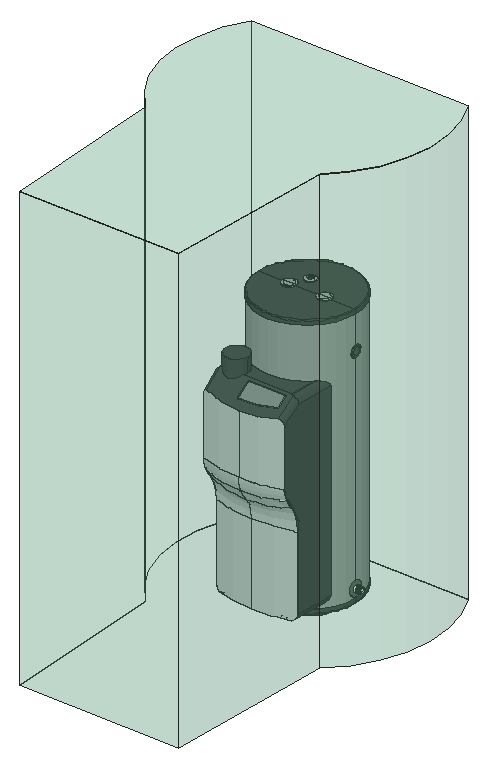
Revit family "Innovo  BENL_IR 12 160 BENL LP", category Mechanical Equipment, Revit 2015
Parameters (values of type "IR-12-160 BENL LP")
  Werkruimte Radius = Diameter + 170 mm  # 730 mm
  Werkruimte Hoogte = Hoogte + 1000 mm  # 2545 mm
  Werkruimte Afstand Voor = 1000 mm
  Werkruimte [instance] = yes
  Voorzorgsmaatregelen tijdens montage, installatie of onderhoud = "zie Gebruikers, Installatie, Service en Onderhouds handleiding"  # constant formula
  Voltage = 230 V  # constant formula
  Verpakkingslengte = 946 mm  # constant formula
  Verpakkingshoogte = 1695 mm
  Verpakkingsbreedte = 786 mm  # constant formula
  Uitsluitend werkend in daluren = no
  Uitschakeldruk LDS < = "115"
  Type aanduiding = "IR-20-200"
  Transportgewicht = 122 kg
  Totaal Gewicht = 322 kg
  Stilstandsverlies - dagelijks (24u) = 0 W
  Stilstandsverlies = 0 W
  Standaard Afgesteld op = "G20/G25"
  Stand Regelthermostaat = 65 °C  # constant formula
  Soort Verpakking = "Karton en Hout"  # constant formula
  Slimme controlefunctie = no
  Setpoint thermostaat = 65 °C  # constant formula
  Seizoens Rendement (Hs) = [Rendement (Hs, vlgs. NEN-EN 89 - 1999)]  # 95
  Rendement (Hs, vlgs. NEN-EN 89 - 1999) = 95
  Rendement (Hi, vlgs. NEN-EN 89 - 1999) = 106
  Produktspecificaties Link = ""
  Produkthandleiding Link = ""
  Produkt Model Nummer (EAN-nummer) = "8717449286071"
  Onderhoudsinterval = "12 maanden"  # constant formula
  Nominale Belasting (Onderwaarde) = "18000.0/14900.0"
  Nominale Belasting (Bovenwaarde) = "20000.0/16600.0"
  Nominaal Vermogen = "19100.0/15800.0"
  NOx-uitstoot mg/kWh = "30.0/29.0"
  NOx-uitstoot (lucht vrij, 0% O2) ppm = "19.0/18.0"
  Min. Stand Regelthermostaat = 40 °C  # constant formula
  Max. Werkdruk = 800000.0 Pa
  Max. Stand Regelthermostaat = 85 °C  # constant formula
  Max. Rookgastemperatuur = 61 °C
  Ledig Gewicht = 106 kg
  Kraan Hoogte 02 = if(and(Hoogte = 1745 mm, Diameter = 675 mm), 1518 mm, if(and(Hoogte = 1745 mm, Diameter = 610 mm), 1534 mm, if(Hoogte = 1545 mm, 1328 mm, 1070 mm)))  # 1328 mm
  Kraan Hoogte 01 = if(and(Diameter > 560 mm), 693 mm, 604 mm)  # 604 mm
  URL = "www.aosmith.be"
  Tapcapaciteit bij ΔT = 70°C  na 90 min. = 490.0 L
  Tapcapaciteit bij ΔT = 70°C  na 60 min. = 370.0 L
  Tapcapaciteit bij ΔT = 70°C  na 30 min. = 250.0 L
  Tapcapaciteit bij ΔT = 70°C  na 120 min. = 610.0 L
  Tapcapaciteit bij ΔT = 55°C  na 90 min. = 640.0 L
  Tapcapaciteit bij ΔT = 55°C  na 60 min. = 490.0 L
  Tapcapaciteit bij ΔT = 55°C  na 30 min. = 340.0 L
  Tapcapaciteit bij ΔT = 55°C  na 120 min. = 790.0 L
  Tapcapaciteit bij ΔT = 50°C  na 90 min. = 710.0 L
  Tapcapaciteit bij ΔT = 50°C  na 60 min. = 540.0 L
  Tapcapaciteit bij ΔT = 50°C  na 30 min. = 380.0 L
  Tapcapaciteit bij ΔT = 50°C na 120 min. = 870.0 L
  Tapcapaciteit bij ΔT = 44°C na 120 min. = 810.0 L
  Tapcapaciteit bij ΔT = 44°C  na 90 min. = 620.0 L
  Tapcapaciteit bij ΔT = 44°C  na 60 min. = 430.0 L
  Tapcapaciteit bij ΔT = 44°C  na 30 min. = 990.0 L
  Tapcapaciteit bij ΔT = 28°C na 90 min. = 1300.0 L
  Tapcapaciteit bij ΔT = 28°C na 60 min. = 990.0 L
  Tapcapaciteit bij ΔT = 28°C na 30 min. = 700.0 L
  Tapcapaciteit bij ΔT = 28°C na 120 min. = 1600.0 L
  Tapcapaciteit Continu bij ΔT = 70°C = 240.0 L/s
  Tapcapaciteit Continu bij ΔT = 55°C = 300.0 L/s
  Tapcapaciteit Continu bij ΔT = 50°C = 330.0 L/s
  Tapcapaciteit Continu bij ΔT = 44°C = 380.0 L/s
  Tapcapaciteit Continu bij ΔT = 28°C = 590.0 L/s
  Opwarmtijd bij ΔT = 70°C = "42"
  Opwarmtijd bij ΔT = 55°C = "33"
  Opwarmtijd bij ΔT = 50°C = "30"
  Opwarmtijd bij ΔT = 44°C = "27"
  Opwarmtijd bij ΔT = 28°C = "17"
  Model = "IR-20-200 BENL NAT"
  Manufacturer = "A.O. Smith Water Products Company b.v."  # constant formula
  Length = 780 mm  # constant formula
  Jaarlijks elektriciteitsverbruik (2) = "42 kWh"
  Jaarlijks elektriciteitsverbruik (1) = "40 kWh"
  Jaarlijks brandstofverbruik (2) = "21 GJ GCV"
  Jaarlijks brandstofverbruik (1) = "16 GJ GCV"
  Isolatiedikte = 50 mm
  Installatie Typen = "B23/C13/C33/C43/C53/C63"  # constant formula
  Inhoud = 200.0 L
  Hoogte Warm Water Uitlaat = 1545 mm
  Hoogte Rookgasafvoer = 1305 mm
  Hoogte Lucht Inlaat = 1305 mm
  Hoogte Koud Water Inlaat = 170 mm
  Hoogte Gas Aansluiting = 860 mm
  Hoogte = 1545 mm
  Handelsmerk = "A.O. Smith"  # constant formula
  Geluidsniveau dB (A) = "<45"  # constant formula
  Geluidsniveau binnen = "52 dB"
  Gasverbruik - Volume ltr/hr = "1.90/1.80"
  Gasverbruik - Massa kg/h = "n.v.t."
  Gascategorie = "I2E(S)B"  # constant formula
  Gas Voordruk = "2000/2500 Pa"
  Gas Aansluiting = 15"  # constant formula
  Garrantie op Tank = "36 maanden"  # constant formula
  Garrantie op Onderdelen = "12 maanden"  # constant formula
  Frequentie = 50 Hz  # constant formula
  Fase = 1
  Fabrikantnummer = "E 7110"  # constant formula
  Energie-efficiëntieklasse voor waterverwarming (2) = "A"
  Energie-efficiëntieklasse voor waterverwarming (1) = "A"  # constant formula
  Energie-efficiëntie voor waterverwarming (2) = "90%"
  Energie-efficiëntie voor waterverwarming (1) = "91%"
  Elektrisch Vermogen (piek) = 85 W
  Elektrisch Vermogen (nominaal) = 36 W
  Diameter Schoorsteen - parallel systeem = "2x80"  # constant formula
  Diameter Schoorsteen - concentrisch systeem = "80/125 mm/mm"  # constant formula
  Diameter Schoorsteen - boiler = "80/125 mm/mm"  # constant formula
  Diameter = 560 mm
  Description = "Condenserende Hoog Rendementsboiler"  # constant formula
  Created By = "http://www.cadcompany.nl/"
  Capaciteitsprofiel = "XL"
  CO2-uitstoot (tol. +/- 1.0) vol% = "9.3/7.5"
  CE-PIN = "0063CQ3037"  # constant formula
  Breedte = Diameter  # 560 mm
  Bestemming / Land = "BelgIë"  # constant formula
  BIM Content Developer = "CAD & Company"  # constant formula
  Assembly Code = "D3010"
  Ander capaciteitsprofiel = "XXL"
  Aansluiting Warm Water = 3/4"
  Aansluiting T&P = 3/4"
  Aansluiting Koud Water = 3/4"  # constant formula
  Aansluiting Condensafvoer = 40 mm  # constant formula
  Aansluiting Aftapkraan = 3/4"  # constant formula
  2e Onderhoud (algeheel onderhoud) = "12 maanden na installatie"  # constant formula
  1e Onderhoud (check-up) = "3 maanden na installatie"  # constant formula
Reference planes
  plane 1 "Center (Front/Back)": y = 0
  plane 2: z = 0
  plane 3 "Center (Left/Right)": x = 0
  plane 4 "Pipe": through (-383.901, 912.349, 194.799) normal (-0.0879, -0.0879, 0.9923)
  plane 5 "footing": y = 118.925
  plane 6 "footing front": y = -237.85
  plane 7: x = -280
  plane 8: x = 280
  plane 9: z = 1545
Forms (mm)
  Revolve 1, solid, material "RAL 9005", detail levels medium+fine
    sketch origin (0, -237.85, 0) x (-1, 0, 0) y (0, 0, 1)
      loop
        line (0, 28.9) -> (-15, 28.9) -> (-15, 26.4) -> (-8.671, 26.4) -> (-8.671, 18) -> (-5.686, 18) -> (-6.626, 17.06) -> (-6.626, 12.06) -> (-8.671, 12.06) -> (-8.671, 10) -> (-10.031, 10) -> (-23.271, 5.181)
        arc (-23.271, 5.181) -> (-23.763, 4.836) -> (-24.017, 4.293) r 1.159
        line (-24.017, 4.293) -> (-24.017, 1.03)
        arc (-24.017, 1.03) -> (-23.715, 0.302) -> (-22.986, 0) r 1.03
        line (-22.986, 0) -> (0, 0) -> (0, 28.9)
      axis (0, 28.9) -> (0, 0)
    angle from 0 to 360
  Revolve 2, solid, material "RAL 9005", detail levels medium+fine
    sketch origin (0, 118.925, 0) x (-1, 0, 0) y (0, 0, 1)
      loop
        line (-180.984, 28.9) -> (-195.984, 28.9) -> (-195.984, 26.4) -> (-189.655, 26.4) -> (-189.655, 18) -> (-186.67, 18) -> (-187.61, 17.06) -> (-187.61, 12.06) -> (-189.655, 12.06) -> (-189.655, 10) -> (-191.015, 10) -> (-204.256, 5.181)
        arc (-204.256, 5.181) -> (-204.747, 4.836) -> (-205.001, 4.293) r 1.159
        line (-205.001, 4.293) -> (-205.001, 1.03)
        arc (-205.001, 1.03) -> (-204.699, 0.302) -> (-203.971, 0) r 1.03
        line (-203.971, 0) -> (-180.984, 0) -> (-180.984, 28.9)
      axis (-180.984, 28.9) -> (-180.984, 0)
    angle from 0 to 360
  Revolve 3, solid, material "RAL 9005", detail levels medium+fine
    sketch origin (0, 118.925, 0) x (-1, 0, 0) y (0, 0, 1)
      loop
        line (179.016, 28.9) -> (164.016, 28.9) -> (164.016, 26.4) -> (170.345, 26.4) -> (170.345, 18) -> (173.33, 18) -> (172.39, 17.06) -> (172.39, 12.06) -> (170.345, 12.06) -> (170.345, 10) -> (168.985, 10) -> (155.744, 5.181)
        arc (155.744, 5.181) -> (155.253, 4.836) -> (154.999, 4.293) r 1.159
        line (154.999, 4.293) -> (154.999, 1.03)
        arc (154.999, 1.03) -> (155.301, 0.302) -> (156.029, 0) r 1.03
        line (156.029, 0) -> (179.016, 0) -> (179.016, 28.9)
      axis (179.016, 28.9) -> (179.016, 0)
    angle from 0 to 360
Lines and regions (mm)
  symbolic lines
    curve 1: line (0, 280.06, 0) -> (0, -280.06, 0)
    curve 2: line (-255.06, 0, 0) -> (255.06, 0, 0)
  symbolic lines, style "Workspace"
    curve 3: line (623.261, 380.06, 0) -> (-623.261, 380.06, 0)
    curve 4: arc (-623.261, 380.06, 0) -> (-726.942, -66.745, 0) -> (-543.632, -487.2, 0) r 730
    curve 5: line (-543.632, -487.2, 0) -> (-396.783, -1492.825, 0)
    curve 6: line (-396.783, -1492.825, 0) -> (399.03, -1492.825, 0)
    curve 7: line (399.03, -1492.825, 0) -> (545.76, -484.816, 0)
    curve 8: arc (545.76, -484.816, 0) -> (727.087, -65.154, 0) -> (623.261, 380.06, 0) r 730
Dimensions and locks
  plane 5 "footing" to plane 1 "Center (Front/Back)" = 118.925 mm
  plane 1 "Center (Front/Back)" to plane 6 "footing front" = 237.85 mm
  "Diameter": plane 7 to plane 8
  equal spacing: plane 7, plane 3 "Center (Left/Right)", plane 8
  "Hoogte": plane 9 to plane 2
  "Werkruimte Afstand Voor": curve 6 to nested 3
  "Werkruimte Radius": radius of curve 4
  "Werkruimte Radius": radius of curve 8
  aligned and locked: level to plane 2
  aligned and locked: nested 3 to Revolve 1 sketch curve
  aligned and locked: plane 3 "Center (Left/Right)" to Revolve 1 sketch curve
  aligned and locked: nested 3 to plane 1 "Center (Front/Back)"
  aligned and locked: plane 3 "Center (Left/Right)" to nested 3
  aligned and locked: nested 1 to plane 8
  aligned and locked: nested 5 to plane 8
  aligned and locked: nested 2 to plane 7
  aligned and locked: nested 4 to plane 7
  aligned and locked: nested 7 to plane 7
  aligned and locked: nested 8 to plane 3 "Center (Left/Right)"
  aligned and locked: nested 8 to nested 3
  aligned and locked: curve 3 to nested 8
Automatic sketch dimensions
  Revolve 1 sketch curve to level = 0 mm
  plane 3 "Center (Left/Right)" to Revolve 1 sketch curve = 5.686 mm
  Revolve 1 sketch curve to Revolve 1 sketch curve = 0.94 mm  (x2)
  Revolve 1 sketch curve to Revolve 1 sketch curve = 2.046 mm  (x2)
  Revolve 1 sketch curve to Revolve 1 sketch curve = 1.359 mm
  Revolve 1 sketch curve to Revolve 1 sketch curve = 6.329 mm
  level to Revolve 1 sketch curve = 4.091 mm
  Revolve 1 sketch curve to Revolve 1 sketch curve = 12.844 mm
  level to Revolve 1 sketch curve = 1.03 mm
  Revolve 1 sketch curve to Revolve 1 sketch curve = 0.111 mm
  level to Revolve 1 sketch curve = 5.181 mm
  Revolve 1 sketch curve to Revolve 1 sketch curve = 0.745 mm
  level to Revolve 1 sketch curve = 10 mm
  Revolve 1 sketch curve to Revolve 1 sketch curve = 2.06 mm
  Revolve 1 sketch curve to Revolve 1 sketch curve = 5 mm
  Revolve 1 sketch curve to Revolve 1 sketch curve = 8.4 mm
  Revolve 1 sketch curve to Revolve 1 sketch curve = 2.5 mm
  Revolve 1 sketch curve to level = 19.635 mm
  Revolve 1 sketch curve to Revolve 1 sketch curve = 46.465 mm
  Revolve 2 sketch curve to level = 0 mm
  level to Revolve 2 sketch curve = 1.03 mm
  Revolve 2 sketch curve to plane 8 = 74.999 mm
  level to Revolve 2 sketch curve = 5.181 mm
  Revolve 2 sketch curve to Revolve 2 sketch curve = 0.745 mm
  Revolve 2 sketch curve to Revolve 2 sketch curve = 0.397 mm
  Revolve 2 sketch curve to Revolve 2 sketch curve = 8.271 mm
  Revolve 2 sketch curve to Revolve 2 sketch curve = 13.241 mm
  Revolve 2 sketch curve to Revolve 2 sketch curve = 1.359 mm
  Revolve 2 sketch curve to Revolve 2 sketch curve = 6.329 mm
  Revolve 2 sketch curve to Revolve 2 sketch curve = 2.046 mm
  level to Revolve 2 sketch curve = 18 mm
  Revolve 2 sketch curve to Revolve 2 sketch curve = 0.94 mm  (x2)
  Revolve 2 sketch curve to Revolve 2 sketch curve = 8.671 mm
  Revolve 2 sketch curve to Revolve 2 sketch curve = 1.089 mm
  Revolve 2 sketch curve to Revolve 2 sketch curve = 8 mm
  Revolve 2 sketch curve to Revolve 2 sketch curve = 2.06 mm
  Revolve 2 sketch curve to Revolve 2 sketch curve = 8.4 mm
  Revolve 2 sketch curve to Revolve 2 sketch curve = 2.5 mm
  Revolve 2 sketch curve to Revolve 2 sketch curve = 0 mm
  Revolve 2 sketch curve to level = 19.635 mm
  Revolve 2 sketch curve to Revolve 2 sketch curve = 46.465 mm
  Revolve 3 sketch curve to level = 0 mm
  level to Revolve 3 sketch curve = 1.03 mm
  Revolve 3 sketch curve to plane 7 = 125.001 mm
  level to Revolve 3 sketch curve = 5.181 mm
  Revolve 3 sketch curve to Revolve 3 sketch curve = 0.745 mm
  Revolve 3 sketch curve to Revolve 3 sketch curve = 0.397 mm
  Revolve 3 sketch curve to Revolve 3 sketch curve = 8.271 mm
  Revolve 3 sketch curve to Revolve 3 sketch curve = 13.241 mm
  Revolve 3 sketch curve to Revolve 3 sketch curve = 1.359 mm
  Revolve 3 sketch curve to Revolve 3 sketch curve = 6.329 mm
  Revolve 3 sketch curve to Revolve 3 sketch curve = 2.046 mm
  level to Revolve 3 sketch curve = 18 mm
  Revolve 3 sketch curve to Revolve 3 sketch curve = 0.94 mm  (x2)
  Revolve 3 sketch curve to Revolve 3 sketch curve = 8.671 mm
  Revolve 3 sketch curve to Revolve 3 sketch curve = 1.089 mm
  Revolve 3 sketch curve to Revolve 3 sketch curve = 8 mm
  Revolve 3 sketch curve to Revolve 3 sketch curve = 2.06 mm
  Revolve 3 sketch curve to Revolve 3 sketch curve = 8.4 mm
  Revolve 3 sketch curve to Revolve 3 sketch curve = 2.5 mm
  Revolve 3 sketch curve to Revolve 3 sketch curve = 0 mm
  Revolve 3 sketch curve to level = 19.635 mm
  Revolve 3 sketch curve to Revolve 3 sketch curve = 46.465 mm
  curve 4 to curve 8 = 0 mm  (x2)
  plane 1 "Center (Front/Back)" to curve 2 = 0 mm
  curve 1 to plane 3 "Center (Left/Right)" = 0 mm
  plane 1 "Center (Front/Back)" to curve 4 = 0 mm
  curve 4 to plane 3 "Center (Left/Right)" = 0 mm
  curve 5 to plane 6 "footing front" = 249.35 mm
  plane 7 to curve 5 = 116.783 mm
  plane 8 to curve 7 = 119.03 mm
  curve 7 to plane 6 "footing front" = 246.966 mm
  curve 2 to plane 7 = 24.94 mm
  curve 2 to plane 8 = 24.94 mm
  curve 1 to plane 6 "footing front" = 42.21 mm
  plane 5 "footing" to curve 1 = 161.135 mm
Nested families
  nested 1: "Valve" at (280, -0.38, 1328) x (0, 1, 0) z (0, 0, 1), built-in parameter 1001364 <- "Kraan Hoogte 02", type "Valve"
  nested 2: "Drain Valve" at (-280, 0, 1328), built-in parameter 1001364 <- "Kraan Hoogte 02", type "Drain Valve"
  nested 3: "Housing Mother Housing S 57 (external)" at (0, -274.886, 0), type "Housing Mother_Housing S_57"
  nested 4: "Drain Valve" at (-280, 0, 177), type "Drain Valve"
  nested 5: "Drain Valve" at (280, 0, 107) x (-1, 0, 0) z (0, 0, 1), type "Drain Valve"
  nested 6: "Boiler" at (0, 0, 0), height <- "Hoogte", type "Boiler"
    with height 1545 mm
  nested 7: "Drain Valve" at (-280, 0, 604), built-in parameter 1001364 <- "Kraan Hoogte 01", type "Drain Valve"
  nested 8: "Innovo_workspace" at (0, 0, 0), Workspace <- "Werkruimte", Workspace Distance Front <- "Werkruimte Afstand Voor", Workspace Height <- "Werkruimte Hoogte", Workspace Radius <- "Werkruimte Radius", type "Workspace"
    with Workspace Radius 730 mm, Workspace Height 2545 mm, Workspace Distance Front 1000 mm, Workspace yes, Center to Front 492.825 mm
Connectors
  piping at (314.826, 0, 107), diameter 19.05, driven by "Aansluiting Aftapkraan"
    settings: on nested 5, index 1, connector inside diameter 24", connector length 0 mm, flow factor 0, pipe flow 0.0 L/s, pressure drop 0.0 Pa, fitting loss kfactor 0, connector angle 0.00°, fixture units 0, engagement length 0 mm, angle of deflection 0.00°, flow configuration 0, flow direction 0, fitting loss method 0, system type 19, joint type 0, gender type 0, connector reference index -1, connector utility 0, adjustable connector no, is connector primary yes, connector description ""
  hvac at (-147.013, -321.326, 1310.674)
    settings: on nested 3, index 2, duct flow 0.0 L/s, flow factor 0, pres drop 0.0 Pa, loss coef 0, conn angle 0.00°, conn width 304.8 mm, conn height 304.8 mm, conn diameter 125 mm, duct sys type 4, conn prof type 0, flow config 0, flow direction 0, loss method 0, conn ref index -1, conn util no, is conn primary yes, conn desc ""
Definition of nested family "Valve"
  Parameters (values of type "Valve")
    Type Comments = "T&P valve (internal)"
    Manufacturer = "A.O. Smith"
  Reference planes
    plane 1 "Center (Front/Back)": y = 0
    plane 2: z = 0
    plane 3 "Center (Left/Right)": x = 0
  Forms (mm)
    Extrusion 1, solid, detail levels fine
      sketch origin (0, 0, 0) x (1, 0, 0) y (0, 0, 1)
        loop
          circle (0, 0) r 31.5
      from -2.271 to 1.4
    Sweep 2, solid, detail levels fine
      path origin (0, -1.4, 0) x (1, 0, 0) y (0, 0, 1)
        loop
          circle (0, 0) r 31.5
      profile origin (0, -1.4, 31.5) x (0, 0, -1) y (0, -1, 0)
        loop
          line (7.3, 0) -> (7.3, 3) -> (0, 0) -> (7.3, 0)
  Dimensions and locks
    aligned and locked: level to plane 2
Definition of nested family "Drain Valve"
  Reference planes
    plane 1 "Center (Front/Back)": y = 0
    plane 2: z = 0
    plane 3 "Center (Left/Right)": x = 0
  Forms (mm)
    Revolve 1, solid, detail levels medium+fine
      sketch origin (0, 0, 0) x (1, 0, 0) y (0, 0, 1)
        loop
          line (-33.442, 15.696) -> (-34.826, 14.329) -> (-34.93, 12.731) -> (-16.555, 12.731) -> (-16.555, 0) -> (15.787, 0) -> (15.787, 18.3) -> (-14.4, 18.3) -> (-17.148, 15.533) -> (-18.729, 16.697) -> (-20.091, 15.333) -> (-21.672, 16.496) -> (-23.034, 15.133) -> (-24.614, 16.296) -> (-25.976, 14.932) -> (-27.557, 16.096) -> (-28.919, 14.732) -> (-30.5, 15.896) -> (-31.862, 14.532) -> (-33.442, 15.696)
        axis (-34.93, 0) -> (15.787, 0)
      angle from 0 to 360
  Dimensions and locks
    aligned and locked: level to plane 2
  Nested families
    nested 1: "Rubber sealing" at (2.592, -0.155, 0) x (0.0023, -1, 0) z (0, 0, 1), type "Rubber sealing", detail levels fine
  Definition of nested family "Rubber sealing"
    Reference planes
      plane 1 "Center (Front/Back)": y = 0
      plane 2: z = 0
      plane 3 "Center (Left/Right)": x = 0
    Forms (mm)
      Extrusion 1, solid, detail levels fine
        sketch origin (141.861, 319.581, 0) x (1, 0, 0) y (0, 1, 0)
          loop
            line (-216.354, -311.898) -> (-216.354, -313.94)
            arc (-216.354, -313.94) -> (-141.602, -321.581) -> (-66.861, -313.835) r 366.966
            line (-66.861, -313.835) -> (-66.861, -311.791)
            arc (-66.861, -311.791) -> (-141.602, -319.581) -> (-216.354, -311.898) r 364.966
        from -80 to 80
      Extrusion 2, void
        sketch origin (141.861, 319.581, 0) x (1, 0, 0) y (0, 0, 1)
          loop
            circle (-141.861, 0) r 13
          loop
            circle (-141.861, 0) r 110
          loop
            circle (-141.861, 0) r 40
        from 311.563 to 332.684
      Extrusion 3, void
        sketch origin (141.861, 319.581, 0) x (1, 0, 0) y (0, 0, 1)
          loop
            circle (-141.861, 0) r 18.25
        from 315.524 to 326.084
    Cuts and joins
      Extrusion 2, Extrusion 3 cuts Extrusion 1
    Dimensions and locks
      aligned and locked: level to plane 2
Definition of nested family "Housing Mother Housing S 57 (external)"
  Parameters (values of type "Housing Mother_Housing S_57")
    radius [instance] = 280 mm
    distance to boiler center = if(diameter = 675 mm, 189 mm, if(diameter = 610 mm, 154 mm, 129 mm))  # 129 mm
    diameter = 560 mm
  Reference planes
    plane 1 "Center (Front/Back)": y = 0
    plane 2: z = 0
    plane 3 "Center (Left/Right)": x = 0
    plane 4 "left": through (-245.286, 145.886, 1200) normal (0.9994, 0.0349, 0)
    plane 5: y = -217.939
    plane 6: y = 145.886
    plane 7: z = 1232.6
    plane 8: z = 65.89
    plane 9 "right": through (245.286, 145.886, 1200) normal (0.9994, -0.0349, 0)
    plane 10 "display": through (0, -90.37, 1221.196) normal (0, -0.5736, 0.8192)
    plane 11 "Potentiostat": z = 867.899
    plane 12 "boiler center": y = 274.886
    plane 13: x = -280
    plane 14: x = 280
  Forms (mm)
    Extrusion 1, solid
      sketch origin (0, 0, 0) x (1, 0, 0) y (0, 1, 0)
        loop
          line (-245.286, 145.886) -> (-232.581, -217.939) -> (232.581, -217.939) -> (245.286, 145.886)
          arc (245.286, 145.886) -> (0, 0.923) -> (-245.286, 145.886) r 280
      from 0 to 1232.6
    Sweep 2, void
      path origin (0, 0, 0) x (0, 1, 0) y (0, 0, 1)
        loop
          line (-217.939, 1232.6) -> (-217.939, 795.555)
          arc (-217.939, 795.555) -> (-212.387, 754.285) -> (-197.694, 715.322) r 183.924
          arc (-197.694, 715.322) -> (-179.915, 684.628) -> (-159.106, 655.901) r 348.284
          arc (-159.106, 655.901) -> (-131.411, 600.328) -> (-121.88, 538.973) r 202.254
          line (-121.88, 538.973) -> (-121.88, 61.106)
      profile origin (0, -217.939, 1014.077) x (1, 0, 0) y (0, 1, 0)
        loop
          arc (0, 0) -> (-117.533, 9.941) -> (-231.728, 39.475) r 699.984
          arc (-231.728, 39.475) -> (-233.391, 40.705) -> (-234.07, 42.659) r 3.505
          line (-234.07, 42.659) -> (-254.062, 42.659) -> (-254.062, -142.593) -> (254.07, -142.593) -> (254.07, 42.659) -> (234.07, 42.659)
          arc (234.07, 42.659) -> (233.391, 40.705) -> (231.728, 39.475) r 3.505
          arc (231.728, 39.475) -> (117.533, 9.941) -> (0, 0) r 699.984
    Extrusion 3, void
      sketch origin (0, 0, 0) x (0, 1, 0) y (0, 0, 1)
        loop
          arc (102.864, 70.869) -> (99.804, 70.709) -> (96.874, 69.813) r 12.57
          arc (96.874, 69.813) -> (87.878, 66.533) -> (78.516, 64.529) r 69.114
          arc (78.516, 64.529) -> (76.41, 64.284) -> (74.294, 64.148) r 41.206
          arc (74.294, 64.148) -> (65.203, 64.335) -> (56.122, 64.782) r 318.661
          arc (56.122, 64.782) -> (30.585, 66.179) -> (5.028, 67.128) r 1456.581
          line (5.028, 67.128) -> (-84.534, 73.135)
          arc (-84.534, 73.135) -> (-86.363, 73.808) -> (-87.536, 75.365) r 3.455
          line (-87.536, 75.365) -> (-264.473, 75.365) -> (-264.473, 0) -> (160.886, 0) -> (160.886, 103.945) -> (145.886, 103.945)
          arc (145.886, 103.945) -> (145.104, 97.827) -> (142.923, 92.059) r 26.364
          arc (142.923, 92.059) -> (141.067, 88.936) -> (138.867, 86.045) r 31.715
          arc (138.867, 86.045) -> (135.576, 82.49) -> (132.021, 79.2) r 62.615
          arc (132.021, 79.2) -> (125.841, 74.697) -> (119.091, 71.103) r 54.444
          arc (119.091, 71.103) -> (116.371, 70.272) -> (113.531, 70.123) r 11.669
          line (113.531, 70.123) -> (102.864, 70.869)
      from -254.062 to 254.07
    Sweep 4, void
      path origin (0, 0, 0) x (1, 0, 0) y (0, 1, 0)
        loop
          line (-245.286, 145.886) -> (-232.581, -217.939)
      profile origin (-238.933, -36.027, 0) x (0.999391, 0.034899, 0) y (0, 0, 1)
        loop
          line (-4.454, 0) -> (47.084, 0) -> (47.084, 73.431)
          arc (47.084, 73.431) -> (14.222, 85.134) -> (0.255, 117.1) r 43.922
          line (0.255, 117.1) -> (-4.454, 117.1) -> (-4.454, 0)
    Sweep 5, void
      path origin (0, 0, 0) x (-1, 0, 0) y (0, 1, 0)
        loop
          line (-245.286, 145.886) -> (-232.581, -217.939)
      profile origin (238.933, -36.027, 0) x (0.999391, -0.034899, 0) y (0, 0, 1)
        loop
          line (4.454, 0) -> (4.454, 117.1) -> (-0.255, 117.1)
          arc (-0.255, 117.1) -> (-14.222, 85.134) -> (-47.084, 73.431) r 43.922
          line (-47.084, 73.431) -> (-47.084, 0) -> (4.454, 0)
    Sweep 6, void
      path origin (-239.899, -8.377, 0) x (-0.034899, 0.999391, 0) y (0, 0, 1)
        loop
          line (-209.69, 1141.272) -> (-79.18, 1232.6) -> (154.358, 1232.6)
      profile origin (-241.211, 29.188, 1232.6) x (0, 0, 1) y (0.999391, 0.034899, 0)
        loop
          line (-45, -30) -> (75, -30) -> (75, 0) -> (75, 55) -> (2.799, 55) -> (-1.253, 35.128)
          arc (-1.253, 35.128) -> (-16.771, 9.564) -> (-45, -0.308) r 44.287
          line (-45, -0.308) -> (-45, -30)
    Sweep 7, void
      path origin (239.899, -8.377, 0) x (0.034899, 0.999391, 0) y (0, 0, 1)
        loop
          line (-209.69, 1141.272) -> (-79.18, 1232.6) -> (154.358, 1232.6)
      profile origin (241.211, 29.188, 1232.6) x (0, 0, -1) y (-0.999391, 0.034899, 0)
        loop
          line (-75, -25) -> (45, -25) -> (45, -0.308)
          arc (45, -0.308) -> (16.771, 9.564) -> (1.253, 35.128) r 44.287
          line (1.253, 35.128) -> (-2.799, 55) -> (-75, 55) -> (-75, -25)
    Extrusion 8, void
      sketch origin (0, 0, 0) x (0, 1, 0) y (0, 0, 1)
        loop
          line (-270, 1336.099) -> (-270, 1099.081) -> (68.497, 1336.099) -> (-270, 1336.099)
      from -425.038 to 444.42
    Extrusion 9, solid, detail levels medium+fine
      sketch origin (0, 0, 0) x (1, 0, 0) y (0, 1, 0)
        loop
          circle (-147.013, -46.44) r 65
      from 1163.174 to 1310.674
    Extrusion 10, void
      sketch origin (0, -603.506, 861.895) x (0, 0.819152, 0.573576) y (-1, 0, 0)
        loop
          arc (618.322, -173) -> (623.272, -170.95) -> (625.322, -166) r 7
          line (625.322, -166) -> (625.322, 35)
          arc (625.322, 35) -> (623.272, 39.95) -> (618.322, 42) r 7
          line (618.322, 42) -> (535.473, 42)
          arc (535.473, 42) -> (530.688, 40.11) -> (528.488, 35.46) r 7
          arc (528.488, 35.46) -> (531.569, -67.592) -> (554.18, -168.18) r 540
          arc (554.18, -168.18) -> (556.724, -171.668) -> (560.831, -173) r 7
          line (560.831, -173) -> (618.322, -173)
      from 0 to 137.286
    Sweep 11, solid, detail levels fine
      path origin (0, 0, 867.899) x (-1, 0, 0) y (0, -1, 0)
        loop
          line (309.749, -35.617) -> (204.371, -35.617)
          arc (204.371, -35.617) -> (196.509, -34.687) -> (189.082, -31.947) r 33.677
          line (189.082, -31.947) -> (-9.574, 69.274)
      profile origin (-257.06, 35.617, 867.899) x (0, 1, 0) y (0, 0, 1)
        loop
          circle (0, 0) r 7.316
        loop
          circle (0, 0) r 6.465
    Revolve 12, void
      sketch origin (0, 274.886, 0) x (-1, 0, 0) y (0, 0, 1)
        loop
          line (280, 1243.838) -> (0, 1243.838) -> (0, 54.9) -> (280, 54.9) -> (280, 1243.838)
        axis (0, 1243.838) -> (0, 54.9)
      angle from 0 to 360
  Cuts and joins
    Sweep 2, Extrusion 3, Sweep 4, Sweep 5, Sweep 6, Sweep 7, Extrusion 8, Extrusion 10, Revolve 12 cuts Extrusion 1
  Dimensions and locks
    plane 8 to plane 2 = 65.89 mm
    plane 7 to plane 8 = 1166.71 mm
    "distance to boiler center": plane 12 "boiler center" to plane 6
    "diameter": plane 14 to plane 13
    equal spacing: plane 14, plane 3 "Center (Left/Right)", plane 13
    "radius": plane 3 "Center (Left/Right)" to plane 13
    aligned and locked: level to plane 2
    aligned and locked: Extrusion 1 to plane 7
    aligned and locked: Extrusion 1 sketch curve to plane 5
    aligned and locked: Sweep 2 to Extrusion 3
    aligned and locked: Extrusion 3 to Sweep 2  (x2)
    aligned and locked: plane 7 to Sweep 2 sketch curve
    aligned and locked: plane 3 "Center (Left/Right)" to Revolve 12 sketch curve
    aligned and locked: Revolve 12 sketch curve to plane 3 "Center (Left/Right)"
    aligned and locked: plane 13 to Revolve 12 sketch curve
  Automatic sketch dimensions
    Extrusion 1 sketch curve to plane 4 "left" = 0 mm  (x2)
    Extrusion 1 sketch curve to plane 6 = 0 mm  (x2)
    Extrusion 1 sketch curve to plane 3 "Center (Left/Right)" = 0 mm
    Extrusion 1 sketch curve to plane 9 "right" = 0 mm
    plane 6 to Extrusion 1 sketch curve = 135.037 mm
    Sweep 2 sketch curve to plane 5 = 0 mm
    plane 5 to Sweep 2 sketch curve = 106.195 mm
    Sweep 2 sketch curve to plane 5 = 96.059 mm
    plane 1 "Center (Front/Back)" to Sweep 2 sketch curve = 34.053 mm
    plane 11 "Potentiostat" to Sweep 2 sketch curve = 6.417 mm
    Sweep 2 sketch curve to plane 6 = 33.705 mm
    Sweep 2 sketch curve to plane 11 "Potentiostat" = 68.615 mm
    Sweep 2 sketch curve to plane 11 "Potentiostat" = 72.345 mm
    Sweep 2 sketch curve to Sweep 2 sketch curve = 176.349 mm
    Sweep 2 sketch curve to Sweep 2 sketch curve = 0 mm  (x2)
    plane 8 to Sweep 2 sketch curve = 4.784 mm
    Extrusion 3 sketch curve to level = 0 mm
    Extrusion 3 sketch curve to plane 6 = 0 mm
    Extrusion 3 sketch curve to plane 6 = 26.363 mm
    Extrusion 3 sketch curve to Extrusion 3 sketch curve = 4.75 mm
    Extrusion 3 sketch curve to Extrusion 3 sketch curve = 5.179 mm
    Extrusion 3 sketch curve to plane 8 = 4.232 mm
    Extrusion 3 sketch curve to Extrusion 3 sketch curve = 0.814 mm
    Extrusion 3 sketch curve to plane 8 = 4.978 mm
    Extrusion 3 sketch curve to Extrusion 3 sketch curve = 10.667 mm
    Extrusion 3 sketch curve to Extrusion 3 sketch curve = 0.877 mm
    Extrusion 3 sketch curve to Extrusion 3 sketch curve = 17.827 mm
    Extrusion 3 sketch curve to Extrusion 3 sketch curve = 5.646 mm
    Extrusion 3 sketch curve to plane 6 = 69.562 mm
    Extrusion 3 sketch curve to Extrusion 3 sketch curve = 18.6 mm
    Extrusion 3 sketch curve to Extrusion 3 sketch curve = 22.538 mm
    Extrusion 3 sketch curve to plane 8 = 1.238 mm
    Extrusion 3 sketch curve to plane 1 "Center (Front/Back)" = 5.028 mm
    plane 1 "Center (Front/Back)" to Extrusion 3 sketch curve = 36.224 mm
    Extrusion 3 sketch curve to plane 8 = 10.692 mm
    plane 1 "Center (Front/Back)" to Extrusion 3 sketch curve = 84.302 mm
    Extrusion 3 sketch curve to plane 8 = 7.244 mm
    Extrusion 3 sketch curve to Extrusion 3 sketch curve = 0.231 mm
    Extrusion 3 sketch curve to Extrusion 3 sketch curve = 3.234 mm
    plane 5 to Extrusion 3 sketch curve = 46.534 mm
    plane 6 to Extrusion 3 sketch curve = 15 mm
    Extrusion 3 sketch curve to level = 1388.869 mm
    plane 8 to Extrusion 3 sketch curve = 7.561 mm
    Extrusion 3 sketch curve to Extrusion 3 sketch curve = 11.64 mm
    Extrusion 3 sketch curve to plane 8 = 38.054 mm
    Extrusion 3 sketch curve to Extrusion 3 sketch curve = 22.442 mm
    Extrusion 3 sketch curve to plane 8 = 39.432 mm
    Extrusion 3 sketch curve to Extrusion 3 sketch curve = 2.466 mm
    Extrusion 3 sketch curve to Extrusion 3 sketch curve = 14.17 mm
    Extrusion 3 sketch curve to Extrusion 3 sketch curve = 5.925 mm
    Extrusion 3 sketch curve to Extrusion 3 sketch curve = 6.186 mm
    Extrusion 3 sketch curve to Extrusion 3 sketch curve = 249.85 mm
    Extrusion 3 sketch curve to Extrusion 3 sketch curve = 0 mm  (x4)
    Extrusion 3 sketch curve to Extrusion 3 sketch curve = 6.845 mm
    plane 8 to Extrusion 3 sketch curve = 1.743 mm
    Sweep 4 sketch curve to plane 4 "left" = 0 mm  (x2)
    Sweep 4 sketch curve to plane 6 = 0 mm
    plane 5 to Sweep 4 sketch curve = 0 mm
    Sweep 4 sketch curve to level = 0 mm
    profile plane to Sweep 4 sketch curve = 4.454 mm
    Sweep 4 sketch curve to profile plane = 0.255 mm
    Sweep 4 sketch curve to Sweep 4 sketch curve = 43.922 mm
    Sweep 4 sketch curve to profile plane = 47.084 mm
    level to Sweep 4 sketch curve = 73.431 mm
    Sweep 4 sketch curve to Sweep 4 sketch curve = 43.669 mm
    Sweep 5 sketch curve to plane 6 = 0 mm
    Sweep 5 sketch curve to plane 9 "right" = 0 mm  (x2)
    plane 5 to Sweep 5 sketch curve = 0 mm
    Sweep 5 sketch curve to level = 0 mm
    profile plane to Sweep 5 sketch curve = 47.084 mm
    Sweep 5 sketch curve to Sweep 5 sketch curve = 2.907 mm
    profile plane to Sweep 5 sketch curve = 0.255 mm
    Sweep 5 sketch curve to profile plane = 4.454 mm
    level to Sweep 5 sketch curve = 73.431 mm
    Sweep 5 sketch curve to Sweep 5 sketch curve = 43.669 mm
    Sweep 6 sketch curve to plane 7 = 0 mm
    plane 7 to Sweep 6 sketch curve = 91.328 mm
    Sweep 6 sketch curve to Sweep 6 sketch curve = 130.509 mm
    Sweep 6 sketch curve to Sweep 6 sketch curve = 233.538 mm
    Sweep 6 sketch curve to plane 4 "left" = 0 mm
    profile plane to Sweep 6 sketch curve = 45 mm
    Sweep 6 sketch curve to Sweep 6 sketch curve = 0.354 mm
    profile plane to Sweep 6 sketch curve = 1.253 mm
    Sweep 6 sketch curve to profile plane = 2.799 mm
    Sweep 6 sketch curve to Sweep 6 sketch curve = 72.201 mm
    Sweep 6 sketch curve to plane 4 "left" = 0.308 mm
    Sweep 6 sketch curve to Sweep 6 sketch curve = 29.692 mm
    plane 4 "left" to Sweep 6 sketch curve = 35.128 mm
    plane 4 "left" to Sweep 6 sketch curve = 55 mm
    Sweep 7 sketch curve to plane 7 = 0 mm
    Sweep 7 sketch curve to plane 7 = 91.328 mm
    Sweep 7 sketch curve to Sweep 7 sketch curve = 130.509 mm
    Sweep 7 sketch curve to Sweep 7 sketch curve = 233.538 mm
    Sweep 7 sketch curve to plane 9 "right" = 25 mm
    profile plane to Sweep 7 sketch curve = 75 mm
    profile plane to Sweep 7 sketch curve = 2.799 mm
    Sweep 7 sketch curve to profile plane = 1.253 mm
    Sweep 7 sketch curve to Sweep 7 sketch curve = 43.393 mm
    Sweep 7 sketch curve to profile plane = 45 mm
    Sweep 7 sketch curve to plane 9 "right" = 0.308 mm
    plane 9 "right" to Sweep 7 sketch curve = 35.128 mm
    Sweep 7 sketch curve to Sweep 7 sketch curve = 19.872 mm
    plane 5 to Extrusion 8 sketch curve = 52.061 mm
    Extrusion 8 sketch curve to plane 1 "Center (Front/Back)" = 68.497 mm
    plane 7 to Extrusion 8 sketch curve = 133.519 mm
    Extrusion 8 sketch curve to plane 7 = 103.499 mm
    plane 1 "Center (Front/Back)" to Extrusion 9 sketch curve = 46.44 mm
    Extrusion 9 sketch curve to plane 3 "Center (Left/Right)" = 147.013 mm
    Extrusion 10 sketch curve to plane 3 "Center (Left/Right)" = 0 mm
    Extrusion 10 sketch curve to plane 3 "Center (Left/Right)" = 35 mm
    Extrusion 10 sketch curve to Extrusion 10 sketch curve = 25.359 mm
    Extrusion 10 sketch curve to Extrusion 10 sketch curve = 57.491 mm
    Extrusion 10 sketch curve to plane 3 "Center (Left/Right)" = 42 mm
    Extrusion 10 sketch curve to Extrusion 10 sketch curve = 82.85 mm
    Extrusion 10 sketch curve to Extrusion 10 sketch curve = 7 mm
    Extrusion 10 sketch curve to Extrusion 10 sketch curve = 442 mm
    plane 3 "Center (Left/Right)" to Extrusion 10 sketch curve = 166 mm
    Extrusion 10 sketch curve to Extrusion 10 sketch curve = 0 mm  (x2)
    Sweep 11 sketch curve to plane 1 "Center (Front/Back)" = 31.947 mm
    Sweep 11 sketch curve to plane 3 "Center (Left/Right)" = 189.082 mm
    Sweep 11 sketch curve to plane 1 "Center (Front/Back)" = 1.94 mm
    Sweep 11 sketch curve to Sweep 11 sketch curve = 15.289 mm
    plane 3 "Center (Left/Right)" to Sweep 11 sketch curve = 9.574 mm
    Sweep 11 sketch curve to Sweep 11 sketch curve = 105.378 mm
    plane 1 "Center (Front/Back)" to Sweep 11 sketch curve = 69.274 mm
    Sweep 11 sketch curve to Sweep 11 sketch curve = 0 mm  (x2)
    Sweep 11 sketch curve to plane 11 "Potentiostat" = 0 mm
    Sweep 11 sketch curve to profile plane = 0 mm
    plane 8 to Revolve 12 sketch curve = 10.99 mm
    Revolve 12 sketch curve to plane 7 = 11.238 mm
    Revolve 12 sketch curve to level = 366.045 mm
    Revolve 12 sketch curve to Revolve 12 sketch curve = 971.917 mm
    Sweep 2 sketch curve to plane 3 "Center (Left/Right)" = 0 mm
    profile plane to Sweep 2 sketch curve = 0 mm
    Sweep 2 sketch curve to plane 3 "Center (Left/Right)" = 0.016 mm
    Sweep 2 sketch curve to profile plane = 42.782 mm  (x2)
    Sweep 2 sketch curve to plane 3 "Center (Left/Right)" = 230.568 mm
    plane 3 "Center (Left/Right)" to Sweep 2 sketch curve = 0.016 mm
    plane 3 "Center (Left/Right)" to Sweep 2 sketch curve = 230.568 mm
    Sweep 2 sketch curve to Sweep 2 sketch curve = 3.502 mm  (x2)
    Sweep 2 sketch curve to Sweep 2 sketch curve = 20 mm
    profile plane to Sweep 2 sketch curve = 142.593 mm
    Sweep 2 sketch curve to Sweep 2 sketch curve = 0.122 mm  (x2)
    Sweep 2 sketch curve to Sweep 2 sketch curve = 657.203 mm
    Sweep 2 sketch curve to Sweep 2 sketch curve = 19.991 mm
    radius of Extrusion 9 sketch curve = 65 mm
    radius of Sweep 11 sketch curve = 7.316 mm
    radius of Sweep 11 sketch curve = 6.465 mm
  Nested families
    nested 1: "display" at (65.5, -130.939, 1192.79) x (-1, 0, 0) z (0, -0.5736, 0.8192), type "display"
  Definition of nested family "display"
    Parameters (values of type "display")
      Default Elevation = 1219.2 mm
    Reference planes
      plane 1 "Center (Front/Back)": y = 0
      plane 2: z = 0
      plane 3 "Center (Left/Right)": x = 0
    Forms (mm)
      Extrusion 1, solid, detail levels medium+fine
        sketch origin (-16.958, 11.842, -343.878) x (1, 0, 0) y (0, 0, -1)
          loop
            line (-233.523, -343.878) -> (-233.523, -346.592) -> (332.686, -346.592) -> (332.686, -343.878) -> (-233.523, -343.878)
        from -228.7 to 150.822
      Extrusion 2, void
        sketch origin (-16.958, 6.842, -343.878) x (1, 0, 0) y (0, 1, 0)
          loop
            line (-233.523, 155.822) -> (-233.523, -223.7) -> (332.686, -223.7) -> (332.686, 155.822) -> (-233.523, 155.822)
          loop
            arc (-90.542, -48.267) -> (-88.492, -53.216) -> (-83.542, -55.267) r 7
            line (-83.542, -55.267) -> (117.458, -55.267)
            arc (117.458, -55.267) -> (122.408, -53.216) -> (124.458, -48.267) r 7
            line (124.458, -48.267) -> (124.458, 34.583)
            arc (124.458, 34.583) -> (122.568, 39.368) -> (117.918, 41.568) r 7
            arc (117.918, 41.568) -> (14.866, 38.487) -> (-85.722, 15.876) r 540
            arc (-85.722, 15.876) -> (-89.21, 13.332) -> (-90.542, 9.224) r 7
            line (-90.542, 9.224) -> (-90.542, -48.267)
        from 328.878 to 363.083
    Cuts and joins
      Extrusion 2 cuts Extrusion 1
    Dimensions and locks
      aligned and locked: level to plane 2
Definition of nested family "Boiler"
  Parameters (values of type "Boiler")
    radius [instance] = 280 mm
    height [instance] = 1270 mm
    Diameter = 560 mm
  Reference planes
    plane 1 "Center (Front/Back)": y = 0
    plane 2: z = 0
    plane 3 "Center (Left/Right)": x = 0
    plane 4: z = 1243.838
    plane 5: z = 1270
    plane 6 "bottom": z = 28.9
    plane 7: z = 54.9
    plane 8 "top controle": y = 88
    plane 9: x = -280
    plane 10: x = 280
  Forms (mm)
    Revolve 1, solid
      sketch origin (0, 0, 0) x (1, 0, 0) y (0, 0, 1)
        loop
          line (0, 54.9) -> (-280, 54.9) -> (-280, 32.9)
          arc (-280, 32.9) -> (-278.828, 30.072) -> (-276, 28.9) r 4
          line (-276, 28.9) -> (0, 28.9) -> (0, 54.9)
        axis (0, 28.9) -> (0, 54.9)
      angle from 0 to 360
    Revolve 2, solid
      sketch origin (1.311, 0, 0) x (1, 0, 0) y (0, 0, 1)
        loop
          line (-278.86, 1243.838) -> (-278.86, 54.9) -> (-1.311, 54.9) -> (-1.311, 1243.838) -> (-278.86, 1243.838)
        axis (-1.311, 1243.838) -> (-1.311, 54.9)
      angle from 0 to 360
    Revolve 3, solid
      sketch origin (-9.205, 0, 377.212) x (-1, 0, 0) y (0, 0, 1)
        loop
          line (-148.904, 892.788) -> (-110.805, 892.788) -> (-110.805, 895.963) -> (-141.883, 895.963) -> (-148.904, 893.62) -> (-148.904, 892.788)
        axis (-110.805, 892.788) -> (-110.805, 895.963)
      angle from 0 to 360
    Revolve 4, solid
      sketch origin (0, 0, 718.065) x (1, 0, 0) y (0, 0, -1)
        loop
          line (0, -525.773) -> (-280, -525.773) -> (-280, -547.935)
          arc (-280, -547.935) -> (-278.828, -550.763) -> (-276, -551.935) r 4
          line (-276, -551.935) -> (0, -551.935) -> (0, -525.773)
        axis (0, -551.935) -> (0, -525.773)
      angle from 0 to 360
    Revolve 5, solid
      sketch origin (0, 88, 0) x (1, 0, 0) y (0, 0, 1)
        loop
          line (-19.051, 1270) -> (-19.051, 1271.074) -> (-32.63, 1275.604) -> (-32.63, 1271.117) -> (-37.266, 1271.117) -> (-38.383, 1270) -> (-19.051, 1270)
        axis (-50.8, 1270) -> (-50.8, 1275.604)
      angle from 0 to 360
    Revolve 6, solid
      sketch origin (-217.12, 0, 372.245) x (-1, 0, 0) y (0, 0, 1)
        loop
          line (-153.622, 897.755) -> (-115.52, 897.755) -> (-115.52, 900.93) -> (-146.626, 900.93) -> (-153.622, 898.596) -> (-153.622, 897.755)
        axis (-115.52, 897.755) -> (-115.52, 900.93)
      angle from 0 to 360
  Dimensions and locks
    "height": plane 5 to plane 2
    plane 6 "bottom" to plane 2 = 28.9 mm
    locked: plane 5 to plane 4 at 26.162
    locked: plane 1 "Center (Front/Back)" to plane 8 "top controle" at 88
    "Diameter": plane 10 to plane 9
    equal spacing: plane 10, plane 3 "Center (Left/Right)", plane 9
    "radius": plane 3 "Center (Left/Right)" to plane 9
    locked: plane 9 to Revolve 2 sketch curve at 2.452
    aligned and locked: level to plane 2
    aligned and locked: Revolve 2 sketch curve to plane 7
    aligned and locked: Revolve 2 sketch curve to plane 4
    aligned and locked: Revolve 1 sketch curve to plane 7
    aligned and locked: plane 6 "bottom" to Revolve 1 sketch curve
    aligned and locked: Revolve 4 sketch curve to plane 3 "Center (Left/Right)"
    aligned and locked: plane 5 to Revolve 4 sketch curve
    aligned and locked: Revolve 4 sketch curve to plane 4
    aligned and locked: plane 9 to Revolve 4 sketch curve
    aligned and locked: Revolve 1 sketch curve to plane 9
    aligned and locked: Revolve 2 sketch curve to plane 3 "Center (Left/Right)"
    aligned and locked: plane 3 "Center (Left/Right)" to Revolve 2 sketch curve
  Automatic sketch dimensions
    Revolve 1 sketch curve to plane 3 "Center (Left/Right)" = 0 mm  (x2)
    Revolve 1 sketch curve to Revolve 1 sketch curve = 4 mm
    Revolve 1 sketch curve to level = 40 mm
    Revolve 1 sketch curve to Revolve 1 sketch curve = 305.1 mm
    Revolve 2 sketch curve to level = 366.045 mm
    Revolve 2 sketch curve to plane 5 = 945.755 mm
    Revolve 3 sketch curve to plane 5 = 0 mm
    Revolve 3 sketch curve to plane 3 "Center (Left/Right)" = 139.699 mm
    plane 5 to Revolve 3 sketch curve = 3.175 mm
    Revolve 3 sketch curve to Revolve 3 sketch curve = 7.022 mm
    Revolve 3 sketch curve to Revolve 3 sketch curve = 31.078 mm
    Revolve 3 sketch curve to Revolve 3 sketch curve = 0.832 mm
    Revolve 3 sketch curve to Revolve 3 sketch curve = 0 mm
    Revolve 3 sketch curve to Revolve 3 sketch curve = 2.338 mm
    Revolve 3 sketch curve to Revolve 3 sketch curve = 4.487 mm
    Revolve 4 sketch curve to plane 3 "Center (Left/Right)" = 0 mm
    Revolve 4 sketch curve to Revolve 4 sketch curve = 4 mm
    Revolve 4 sketch curve to Revolve 4 sketch curve = 68.738 mm
    Revolve 4 sketch curve to Revolve 4 sketch curve = 305.1 mm
    Revolve 6 sketch curve to plane 5 = 0 mm
    plane 3 "Center (Left/Right)" to Revolve 6 sketch curve = 63.497 mm
    plane 5 to Revolve 6 sketch curve = 3.175 mm
    Revolve 6 sketch curve to Revolve 6 sketch curve = 6.997 mm
    Revolve 6 sketch curve to Revolve 6 sketch curve = 31.106 mm
    Revolve 6 sketch curve to Revolve 6 sketch curve = 0.84 mm
    Revolve 6 sketch curve to Revolve 6 sketch curve = 0 mm
    Revolve 6 sketch curve to Revolve 6 sketch curve = 7.216 mm
    Revolve 6 sketch curve to Revolve 6 sketch curve = 0.391 mm
    Revolve 5 sketch curve to Revolve 5 sketch curve = 13.578 mm
    Revolve 5 sketch curve to Revolve 5 sketch curve = 1.074 mm
    Revolve 5 sketch curve to Revolve 5 sketch curve = 12.417 mm
    Revolve 5 sketch curve to Revolve 5 sketch curve = 5.753 mm
    Revolve 5 sketch curve to plane 5 = 1.117 mm
    Revolve 5 sketch curve to Revolve 5 sketch curve = 1.117 mm
    plane 5 to Revolve 5 sketch curve = 4.396 mm
    Revolve 5 sketch curve to plane 5 = 0 mm
    Revolve 5 sketch curve to Revolve 5 sketch curve = 4.487 mm
    Revolve 5 sketch curve to plane 3 "Center (Left/Right)" = 38.383 mm
    Revolve 5 sketch curve to plane 5 = 5.604 mm
Definition of nested family "Innovo_workspace"
  Parameters (values of type "Workspace")
    Workspace Radius [instance] = 730 mm
    Workspace Height [instance] = 2270 mm
    Workspace Distance Front [instance] = 1000 mm
    Workspace [instance] = yes
    URL = "www.aosmith.nl"
    Model = ""
    Manufacturer = "A.O. Smith Water Products Company b.v."  # constant formula
    Description = ""
    Created By = ""
    Center to Front [instance] = 492.825 mm
    BIM Content Developer = "CAD & Company"  # constant formula
    Assembly Code = ""
  Reference planes
    plane 1 "Center (Front/Back)": y = 0
    plane 2: z = 0
    plane 3 "Center (Left/Right)": x = 0
    plane 4 "Pipe": through (-383.901, 912.349, 194.799) normal (-0.0879, -0.0879, 0.9923)
    plane 5 "front": y = -492.825
  Forms (mm)
    Extrusion 1, solid, visible <- "Workspace"
      sketch origin (0, 0, 0) x (1, 0, 0) y (0, 1, 0)
        loop
          line (456.53, -1492.825) -> (500.201, -531.695)
          arc (500.201, -531.695) -> (723.44, -97.643) -> (623.261, 380.06) r 730
          line (623.261, 380.06) -> (-623.261, 380.06)
          arc (-623.261, 380.06) -> (-723.227, -99.209) -> (-497.893, -533.856) r 730
          line (-497.893, -533.856) -> (-454.283, -1492.825) -> (456.53, -1492.825)
      from 0 to 2270 <- "Workspace Height"
  Lines and regions (mm)
    symbolic lines
      curve 1: line (0, 280.06, 0) -> (0, -280.06, 0)
      curve 2: line (-255.06, 0, 0) -> (255.06, 0, 0)
  Dimensions and locks
    locked: Extrusion 1 sketch curve to curve 1 at 100
    "Workspace Distance Front": plane 5 "front" to Extrusion 1
    "Center to Front": plane 1 "Center (Front/Back)" to plane 5 "front"
    "Workspace Radius": radius of Extrusion 1 sketch curve  (x2)
    aligned and locked: level to plane 2
  Automatic sketch dimensions
    plane 1 "Center (Front/Back)" to curve 2 = 0 mm
    curve 1 to plane 3 "Center (Left/Right)" = 0 mm
    plane 3 "Center (Left/Right)" to curve 2 = 255.06 mm
    curve 1 to plane 1 "Center (Front/Back)" = 280.06 mm
    curve 2 to plane 3 "Center (Left/Right)" = 255.06 mm
    plane 5 "front" to curve 1 = 212.765 mm
    Extrusion 1 sketch curve to Extrusion 1 sketch curve = 0 mm  (x2)
    plane 1 "Center (Front/Back)" to Extrusion 1 sketch curve = 0 mm
    Extrusion 1 sketch curve to plane 3 "Center (Left/Right)" = 0 mm
    Extrusion 1 sketch curve to plane 5 "front" = 41.031 mm
    Extrusion 1 sketch curve to plane 3 "Center (Left/Right)" = 454.283 mm
    plane 3 "Center (Left/Right)" to Extrusion 1 sketch curve = 456.53 mm
    Extrusion 1 sketch curve to plane 5 "front" = 38.869 mm
    Extrusion 1 sketch curve to Extrusion 1 sketch curve = 961.131 mm
